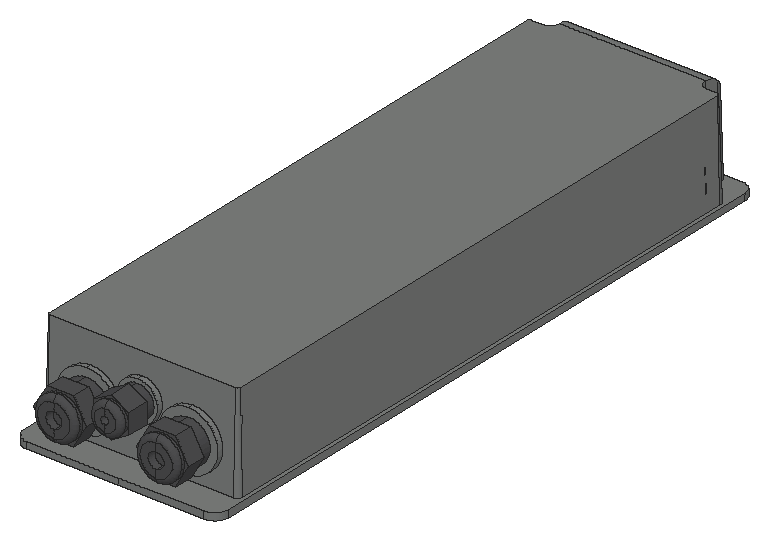
Revit family "Thorn ALTIS GEN5 Gearbox-2 channel gearbox for BW", category Electrical Fixtures, host Face, Revit 2023
Family settings
  Host = Face
  Round Connector Dimension = Use Diameter
  Part Type = Normal
  Cut with Voids When Loaded = Yes
  Maintain Annotation Orientation = No
  Shared = Yes
  Room Calculation Point = Yes
Parameters (values of type "ALG5 GB LE 1400W 0.85A 550V 2CH BW DA")
  Wattage = 1400 W
  URL = "https://www.thornlighting.com/96800228"
  Type Image = TLG_ALG5_F_GB_LE_2100W.jpg
  Type IFC Predefined Type = "DIRECTIONSOURCE"
  Power Factor = 1
  Model = "96800228"
  Material Housing = Thorn-Aluminium-RAL 7043-Traffic Grey B
  Manufacturer = "Thorn Lighting"  # constant formula
  Luminaire Width = 152 mm  # constant formula
  Luminaire Length = 500 mm  # constant formula
  Luminaire Height = 77 mm  # constant formula
  Lamp = "LED"  # constant formula
  Export Type to IFC As = "IfcLightFixtureType"
  Description = "LED Control Gear"  # constant formula
  Default Elevation = 0 mm  # constant formula
  Assembly Code = "Pr_60_70_48_54"
  Apparent Load = Wattage / Power Factor  # 1400 VA
Types (4, lengths in mm): name | URL | Model
  ALG5 GB LE 1400W 0.85A 550V 2CH BW DA | "https://www.thornlighting.com/96800228" | "96800228"
  ALG5 GB LE 1400W 0.85A 550V 2CH BW RDMX | "https://www.thornlighting.com/96800231" | "96800231"
  ALG5 GB LE 1400W 1.05A 550V 2CH BW DA | "https://www.thornlighting.com/96800227" | "96800227"
  ALG5 GB LE 1400W 1.05A 550V 2CH BW RDMX | "https://www.thornlighting.com/96800230" | "96800230"
Reference planes
  plane 1 "Center (Front/Back)": y = 0
  plane 2: z = 0
  plane 3 "Center (Left/Right)": x = 0
  plane 4: x = -76
  plane 5: x = 76
  plane 6: y = 250
  plane 7: y = -250
  plane 8: z = 77
  plane 9: x = -38
  plane 10: y = -226.5
Forms (mm)
  Extrusion 1, solid, material "Thorn-Aluminium-RAL 7043-Traffic Grey B" <- "Material Housing"
    sketch origin (0, 0, 0) x (1, 0, 0) y (0, 1, 0)
      loop
        arc (-66, 250) -> (-73.071, 247.071) -> (-76, 240) r 10
        line (-76, 240) -> (-76, -240)
        arc (-76, -240) -> (-73.071, -247.071) -> (-66, -250) r 10
        line (-66, -250) -> (1.871, -250) -> (66, -250)
        arc (66, -250) -> (73.071, -247.071) -> (76, -240) r 10
        line (76, -240) -> (76, 240)
        arc (76, 240) -> (73.071, 247.071) -> (66, 250) r 10
        line (66, 250) -> (-2.525, 250) -> (-66, 250)
    from 0 to 5
  Blend 2, solid, material "Thorn-Aluminium-RAL 7043-Traffic Grey B" <- "Material Housing"
    base sketch origin (0, 0, 0) x (1, 0, 0) y (0, 1, 0)
      loop
        arc (-73, -222.5) -> (-71.828, -225.328) -> (-69, -226.5) r 4
        line (-69, -226.5) -> (69, -226.5)
        arc (69, -226.5) -> (71.828, -225.328) -> (73, -222.5) r 4
        line (73, -222.5) -> (73, 221)
        arc (73, 221) -> (71.828, 223.828) -> (69, 225) r 4
        line (69, 225) -> (61, 225)
        arc (61, 225) -> (58.172, 226.172) -> (57, 229) r 4
        line (57, 229) -> (57, 241)
        arc (57, 241) -> (55.243, 245.243) -> (51, 247) r 6
        line (51, 247) -> (0, 247) -> (-50, 247)
        arc (-50, 247) -> (-54.243, 245.243) -> (-56, 241) r 6
        line (-56, 241) -> (-56, 229)
        arc (-56, 229) -> (-57.172, 226.172) -> (-60, 225) r 4
        line (-60, 225) -> (-69, 225)
        arc (-69, 225) -> (-71.828, 223.828) -> (-73, 221) r 4
        line (-73, 221) -> (-73, -222.5)
    top sketch origin (0, 0, 0) x (1, 0, 0) y (0, 1, 0)
      loop
        line (-71, 221) -> (-71, -222.5)
        arc (-71, -222.5) -> (-70.414, -223.914) -> (-69, -224.5) r 2
        line (-69, -224.5) -> (69, -224.5)
        arc (69, -224.5) -> (70.414, -223.914) -> (71, -222.5) r 2
        line (71, -222.5) -> (71, 221)
        arc (71, 221) -> (70.414, 222.414) -> (69, 223) r 2
        line (69, 223) -> (61, 223)
        arc (61, 223) -> (56.757, 224.757) -> (55, 229) r 6
        line (55, 229) -> (55, 241)
        arc (55, 241) -> (53.828, 243.828) -> (51, 245) r 4
        line (51, 245) -> (0, 245) -> (-50, 245)
        arc (-50, 245) -> (-52.828, 243.828) -> (-54, 241) r 4
        line (-54, 241) -> (-54, 229)
        arc (-54, 229) -> (-55.757, 224.757) -> (-60, 223) r 6
        line (-60, 223) -> (-69, 223)
        arc (-69, 223) -> (-70.414, 222.414) -> (-71, 221) r 2
    from 5 to 77
  Revolve 3, solid, material "Thorn-Plastic-RAL 9005-Jet Black"
    sketch origin (-38, -4546.061, 94.787) x (0, 0, 1) y (0, -1, 0)
      loop
        line (-45.646, -4316.561) -> (-45.646, -4306.609) -> (-61.646, -4306.609) -> (-61.646, -4316.561) -> (-45.646, -4316.561)
      loop
        line (-55.646, -4292.561) -> (-45.646, -4292.561) -> (-45.646, -4290.561)
        arc (-45.646, -4290.561) -> (-46.817, -4287.732) -> (-49.646, -4286.561) r 4
        line (-49.646, -4286.561) -> (-55.646, -4286.561) -> (-55.646, -4292.561)
      axis (-61.646, -4316.561) -> (-61.646, -4286.561)
    angle from 0 to 360
  Extrusion 4, solid, material "Thorn-Aluminium-RAL 7043-Traffic Grey B" <- "Material Housing"
    sketch origin (-173.759, -226.5, 1219.2) x (-1, 0, 0) y (0, 0, 1)
      loop
        circle (-135.759, -1186.059) r 22
    from 5 to -3
  Extrusion 5, solid, material "Thorn-Plastic-RAL 9005-Jet Black"
    sketch origin (-969.698, -250, 1179.325) x (-1, 0, 0) y (0, 0, -1)
      loop
        line (-921.883, 1129.184) -> (-912.068, 1146.184) -> (-921.883, 1163.184) -> (-941.513, 1163.184) -> (-951.328, 1146.184) -> (-941.513, 1129.184) -> (-921.883, 1129.184)
    from 3.5 to -10.548
  Revolve 6, solid, material "Thorn-Plastic-RAL 9005-Jet Black"
    sketch origin (0, -4546.061, 107.912) x (0, 0, 1) y (0, -1, 0)
      loop
        line (-49.646, -4316.561) -> (-49.646, -4308.561) -> (-61.646, -4308.561) -> (-61.646, -4316.561) -> (-49.646, -4316.561)
      loop
        line (-58.646, -4292.561) -> (-49.646, -4292.561) -> (-49.646, -4290.561)
        arc (-49.646, -4290.561) -> (-50.817, -4287.732) -> (-53.646, -4286.561) r 4
        line (-53.646, -4286.561) -> (-58.646, -4286.561) -> (-58.646, -4292.561)
      axis (-61.646, -4316.561) -> (-61.646, -4286.561)
    angle from 0 to 360
  Extrusion 7, solid, material "Thorn-Aluminium-RAL 7043-Traffic Grey B" <- "Material Housing"
    sketch origin (-135.759, -226.5, 1232.325) x (-1, 0, 0) y (0, 0, 1)
      loop
        circle (-135.759, -1186.059) r 15
    from 5 to -3
  Extrusion 8, solid, material "Thorn-Plastic-RAL 9005-Jet Black"
    sketch origin (-931.698, -250, 1192.45) x (-1, 0, 0) y (0, 0, -1)
      loop
        line (-931.698, 1131.184) -> (-918.708, 1138.684) -> (-918.708, 1153.684) -> (-931.698, 1161.184) -> (-944.688, 1153.684) -> (-944.688, 1138.684) -> (-931.698, 1131.184)
    from 3.5 to -12.5
  Revolve 9, solid, material "Thorn-Plastic-RAL 9005-Jet Black"
    sketch origin (38, -4546.061, 94.787) x (0, 0, 1) y (0, 1, 0)
      loop
        line (-45.646, 4316.561) -> (-61.646, 4316.561) -> (-61.646, 4306.609) -> (-45.646, 4306.609) -> (-45.646, 4316.561)
      loop
        line (-55.646, 4292.561) -> (-55.646, 4286.561) -> (-49.646, 4286.561)
        arc (-49.646, 4286.561) -> (-46.817, 4287.732) -> (-45.646, 4290.561) r 4
        line (-45.646, 4290.561) -> (-45.646, 4292.561) -> (-55.646, 4292.561)
      axis (-61.646, 4316.561) -> (-61.646, 4286.561)
    angle from 0 to 360
  Extrusion 10, solid, material "Thorn-Aluminium-RAL 7043-Traffic Grey B" <- "Material Housing"
    sketch origin (173.759, -226.5, 1219.2) x (1, 0, 0) y (0, 0, -1)
      loop
        circle (-135.759, 1186.059) r 22
    from 5 to -3
  Extrusion 11, solid, material "Thorn-Plastic-RAL 9005-Jet Black"
    sketch origin (969.698, -250, 1179.325) x (1, 0, 0) y (0, 0, 1)
      loop
        line (-921.883, -1129.184) -> (-941.513, -1129.184) -> (-951.328, -1146.184) -> (-941.513, -1163.184) -> (-921.883, -1163.184) -> (-912.068, -1146.184) -> (-921.883, -1129.184)
    from 3.5 to -10.548
  Extrusion 12, void
    sketch origin (0, 0, 0) x (0, 1, 0) y (0, 0, 1)
      loop
        line (247, 5) -> (250, 5) -> (250, 87) -> (223, 87) -> (223, 77) -> (230.411, 77)
        arc (230.411, 77) -> (240.869, 72.753) -> (245.405, 62.417) r 15
        line (245.405, 62.417) -> (247, 5)
    from -80 to 80
Cuts and joins
  Extrusion 12 cuts Blend 2
  joined: Blend 2, Extrusion 4, Extrusion 7, Extrusion 10
Dimensions and locks
  equal spacing: plane 4, plane 3 "Center (Left/Right)", plane 5
  "Luminaire Width": plane 4 to plane 5
  equal spacing: plane 7, plane 1 "Center (Front/Back)", plane 6
  "Luminaire Length": plane 7 to plane 6
  "Luminaire Height": plane 8 to level
  plane 3 "Center (Left/Right)" to plane 9 = 38 mm
  aligned and locked: plane 2 to host face
  aligned and locked: level to host face
  aligned and locked: Extrusion 1 sketch curve to plane 6
  aligned and locked: plane 4 to Extrusion 1 sketch curve
  aligned and locked: Extrusion 1 sketch curve to plane 7
  aligned and locked: plane 5 to Extrusion 1 sketch curve
  aligned and locked: plane 8 to Blend 2
Automatic sketch dimensions
  host sketch curve to host sketch curve = 2438.4 mm  (x2)
  Extrusion 1 sketch curve to Extrusion 1 sketch curve = 10 mm  (x3)
  Extrusion 1 sketch curve to plane 3 "Center (Left/Right)" = 2.525 mm
  plane 3 "Center (Left/Right)" to Extrusion 1 sketch curve = 1.871 mm
  plane 5 to Extrusion 1 sketch curve = 10 mm
  Blend 2 sketch curve to plane 10 = 0 mm
  Blend 2 sketch curve to plane 3 "Center (Left/Right)" = 0 mm  (x2)
  Blend 2 sketch curve to plane 9 = 12 mm  (x2)
  Blend 2 sketch curve to Blend 2 sketch curve = 6 mm  (x4)
  Blend 2 sketch curve to Blend 2 sketch curve = 4 mm  (x4)
  plane 4 to Blend 2 sketch curve = 7 mm  (x4)
  plane 4 to Blend 2 sketch curve = 3 mm
  plane 5 to Blend 2 sketch curve = 25 mm  (x2)
  plane 5 to Blend 2 sketch curve = 7 mm  (x4)
  plane 5 to Blend 2 sketch curve = 3 mm
  Blend 2 sketch curve to plane 6 = 29 mm  (x2)
  Blend 2 sketch curve to plane 6 = 9 mm  (x2)
  plane 10 to Blend 2 sketch curve = 2 mm
  Blend 2 sketch curve to Blend 2 sketch curve = 2 mm  (x2)
  Blend 2 sketch curve to Blend 2 sketch curve = 20 mm  (x2)
  Revolve 3 sketch curve to plane 7 = 10.548 mm
  level to Revolve 3 sketch curve = 33.141 mm
  plane 7 to Revolve 3 sketch curve = 9.5 mm
  Revolve 3 sketch curve to Revolve 3 sketch curve = 6 mm  (x2)
  Revolve 3 sketch curve to Revolve 3 sketch curve = 4 mm
  Revolve 3 sketch curve to plane 10 = 3 mm
  Revolve 3 sketch curve to Revolve 3 sketch curve = 16 mm
  Revolve 3 sketch curve to Revolve 3 sketch curve = 2 mm
  Revolve 3 sketch curve to Revolve 3 sketch curve = 0 mm
  plane 10 to Revolve 3 sketch curve = 9 mm
  Revolve 3 sketch curve to Revolve 3 sketch curve = 68 mm
  Extrusion 4 sketch curve to Extrusion 4 sketch curve = 0 mm  (x2)
  Extrusion 4 sketch curve to plane 9 = 0 mm
  level to Extrusion 4 sketch curve = 33.141 mm
  level to Extrusion 4 sketch curve = 11.141 mm
  plane 9 to Extrusion 5 sketch curve = 9.815 mm  (x2)
  Extrusion 5 sketch curve to plane 4 = 18.37 mm
  Extrusion 5 sketch curve to level = 16.141 mm
  Extrusion 5 sketch curve to Extrusion 5 sketch curve = 17 mm  (x3)
  Revolve 6 sketch curve to plane 10 = 11 mm
  Revolve 6 sketch curve to plane 8 = 30.734 mm
  plane 7 to Revolve 6 sketch curve = 9.5 mm
  Revolve 6 sketch curve to Revolve 6 sketch curve = 3 mm
  Revolve 6 sketch curve to Revolve 6 sketch curve = 5 mm
  Revolve 6 sketch curve to Revolve 6 sketch curve = 4 mm
  Revolve 6 sketch curve to plane 10 = 3 mm
  Revolve 6 sketch curve to Revolve 6 sketch curve = 12 mm
  Revolve 6 sketch curve to Revolve 6 sketch curve = 2 mm
  Revolve 6 sketch curve to Revolve 6 sketch curve = 0 mm
  plane 10 to Revolve 6 sketch curve = 9 mm
  Revolve 6 sketch curve to Revolve 6 sketch curve = 68 mm
  Extrusion 7 sketch curve to Extrusion 7 sketch curve = 0 mm  (x2)
  Extrusion 7 sketch curve to plane 3 "Center (Left/Right)" = 0 mm
  Extrusion 7 sketch curve to plane 8 = 30.734 mm
  Extrusion 7 sketch curve to Extrusion 7 sketch curve = 15 mm
  Extrusion 8 sketch curve to plane 3 "Center (Left/Right)" = 0 mm  (x2)
  Extrusion 8 sketch curve to plane 3 "Center (Left/Right)" = 12.99 mm
  plane 3 "Center (Left/Right)" to Extrusion 8 sketch curve = 12.99 mm
  Extrusion 8 sketch curve to level = 31.266 mm
  Extrusion 8 sketch curve to Extrusion 8 sketch curve = 7.5 mm  (x3)
  Extrusion 8 sketch curve to Extrusion 8 sketch curve = 15 mm  (x2)
  Revolve 9 sketch curve to plane 7 = 10.548 mm
  level to Revolve 9 sketch curve = 33.141 mm
  plane 7 to Revolve 9 sketch curve = 9.5 mm
  Revolve 9 sketch curve to Revolve 9 sketch curve = 6 mm  (x2)
  Revolve 9 sketch curve to Revolve 9 sketch curve = 4 mm
  Revolve 9 sketch curve to plane 10 = 3 mm
  Revolve 9 sketch curve to Revolve 9 sketch curve = 16 mm
  Revolve 9 sketch curve to Revolve 9 sketch curve = 2 mm
  Revolve 9 sketch curve to Revolve 9 sketch curve = 0 mm
  Revolve 9 sketch curve to Revolve 9 sketch curve = 68 mm
  plane 10 to Revolve 9 sketch curve = 9 mm
  Extrusion 10 sketch curve to Extrusion 10 sketch curve = 0 mm  (x2)
  plane 3 "Center (Left/Right)" to Extrusion 10 sketch curve = 38 mm
  level to Extrusion 10 sketch curve = 33.141 mm
  Extrusion 10 sketch curve to plane 8 = 21.859 mm
  plane 3 "Center (Left/Right)" to Extrusion 11 sketch curve = 18.37 mm
  Extrusion 11 sketch curve to Extrusion 11 sketch curve = 9.815 mm  (x2)
  Extrusion 11 sketch curve to Extrusion 11 sketch curve = 19.63 mm  (x2)
  plane 5 to Extrusion 11 sketch curve = 18.37 mm
  level to Extrusion 11 sketch curve = 16.141 mm
  Extrusion 11 sketch curve to Extrusion 11 sketch curve = 17 mm  (x3)
  Extrusion 12 sketch curve to plane 8 = 0 mm
  Extrusion 12 sketch curve to plane 6 = 0 mm
  Extrusion 12 sketch curve to plane 6 = 4.595 mm
  Extrusion 12 sketch curve to Extrusion 12 sketch curve = 14.994 mm
  Extrusion 12 sketch curve to Extrusion 12 sketch curve = 7.411 mm
  Extrusion 12 sketch curve to plane 8 = 14.583 mm
  plane 8 to Extrusion 12 sketch curve = 10 mm
  Extrusion 12 sketch curve to Extrusion 12 sketch curve = 3 mm
  level to Extrusion 12 sketch curve = 5 mm
  Extrusion 5 sketch curve to plane 9 = 9.815 mm  (x2)
  plane 3 "Center (Left/Right)" to Extrusion 5 sketch curve = 18.37 mm
Connectors
  electrical at (0, 0, 0), driven by "Apparent Load", driven by "Power Factor"
    settings: index 1, voltage 220 V, apparent load 1400 VA, apparent load phase1 0 VA, apparent load phase2 0 VA, apparent load phase3 0 VA, power factor 1, load classification "Lighting", number of poles 1, system type 30, power factor state 1, is connector primary yes, connector utility no, sub classification motor no, connector description ""
